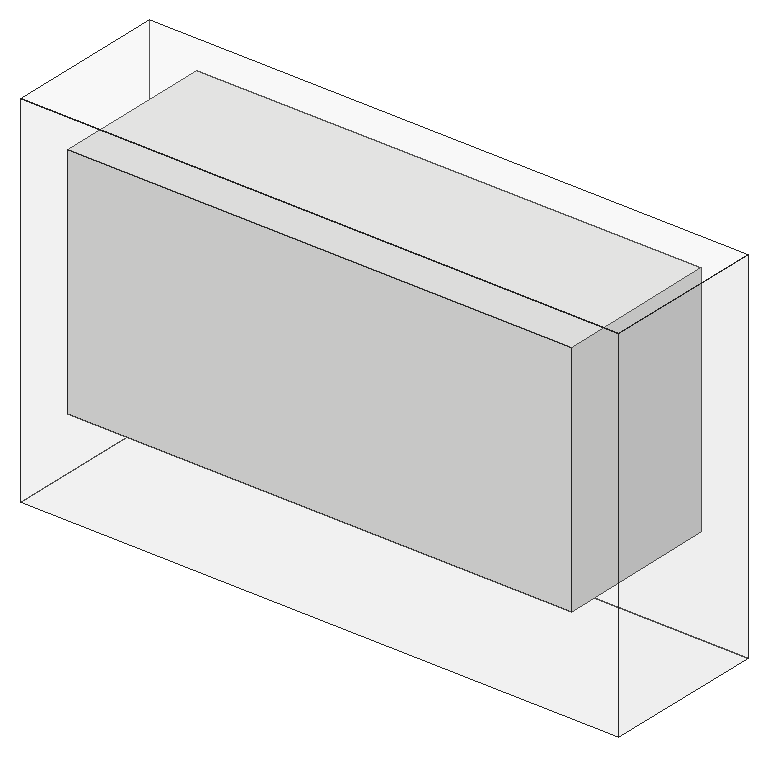
Revit family "vl-08_12(e)s(r)(h)3_60Hz", category 機械設備, Revit 2019
Family settings
  丸型コネクタ寸法 = 直径を使用
  パーツ タイプ = 標準
  OmniClass 番号 = 23.75.35.17.27
  OmniClass タイトル = Centrifugal Fans
  作業面ベース = いいえ
  常に垂直 = はい
  ロード時にボイドで切り取り = いいえ
  共有 = いいえ
  部屋計算ポイント = いいえ
Parameters (values of type "VL-08ES3")
  騒音レベル(dB(A)) [instance] = 32
  風量 [instance] = 42.0 m³/h
  電源種別 [instance] = ""
  電圧 = 100 V
  電動機出力 = 0 W
  電動機_種別 [instance] = ""
  運転質量 = 0.00 kg
  連動 [instance] = ""
  質量 = if(製品質量 > 運転質量, 製品質量, 運転質量) * 1.2  # 6.00 kg
  負荷分類 = 3_ファン類
  説明 = "換気空清機ロスナイ 準寒冷･温暖地仕様 壁掛1パイプ取付タイプ"
  設計風量 [instance] = 0.0 m³/h
  設置方法 = "壁付"
  記号 [instance] = ""
  製造元 = "三菱電機株式会社"
  製品質量 = 5.00 kg
  製品出荷対象 = "国内"
  製品リリース年月 = "2019年5月16日"
  製品グループ = ""
  系統 [instance] = ""
  符号 [instance] = ""
  積算_科目 = "2 換気設備"
  積算_拾い区分 [instance] = ""
  相 = 1
  盤記号 [instance] = ""
  発停方法 [instance] = ""
  特殊仕様 [instance] = ""
  温度交換効率 = 69.00%
  メンテナンススペース = yes
  火災停止 [instance] = ""
  消費電力 = 19 W
  法定耐用年数 = "15"
  機外静圧 [instance] = 0.0 Pa
  極数 = 2
  材質 [instance] = ""
  操作・制御方式 = ""
  操作・制御スイッチ = ""
  排気量 [instance] = 0.0 m³/h
  形式 = ""
  幹線記号 [instance] = ""
  対象室 [instance] = ""
  実風量 [instance] = 0.0 m³/h
  始動方式 [instance] = "直入"
  外気量 [instance] = 0.0 m³/h
  呼称 = ""
  周波数 = 60 Hz
  参照している仕様書等のバージョン = ""
  分類コード = "50052504100030"
  分類グループ = ""
  価格 = 43900
  企業コード = "108420"
  付属品_防振装置 = ""
  付属品 [instance] = ""
  仕様書バージョン = "Version1.0"
  モデル = "VL-08ES3"
  マテリアル = 合成樹脂(白)
  ファンの種類 = ""
  ダクト径 = 100 mm
  コメント [instance] = ""
  Keynote = ""
  Width = 522 mm
  W2 = if(Width / 2 < Depth, Width / 2, Depth)  # 168 mm
  W1 = 57 mm
  Version = ""
  Uniclass2015Version = "Systems v1.9"
  Uniclass2015Title = "Twin centrifugal fans"
  Uniclass2015Code = "Pr_65_67_29_89"
  URL = "https://www.mitsubishielectric.co.jp/ldg/wink/ssl/displayProduct.do?pid=300957"
  SpecificationReference = ""
  SpecificationDescription = ""
  SAサイズ_D = 114 mm
  Revision = ""
  ProductInformation = ""
  OmniClassCode = "23-33 31 19 13 13"
  MIN風量 = 24.5 m³/h
  MIN静圧 = 0.0 Pa
  MID風量 = 0.0 m³/h
  MID静圧 = 0.0 Pa
  MAX風量 = 42.0 m³/h
  MAX静圧 = 0.0 Pa
  IfcTypeProduct = ""
  IfcProduct = ""
  IfcExportType = "CENTRIFUGALBACKWARDINCLINEDCURVED"
  IfcExportAs = "IfcFanType"
  Height = 245 mm
  H1 = 40.5 mm
  EAサイズ_D = 114 mm
  Depth = 168 mm
  D1 = 28 mm
  Clearance Top = 30 mm
  Clearance Right = 49 mm
  Clearance Left = 49 mm
  Clearance Front = 0 mm
  Clearance Bottom = 100 mm
  Clearance Back = 0 mm
  Author = "三菱電機株式会社"
Types (8, lengths in mm): name | 騒音レベル(dB(A)) | 風量 | 温度交換効率 | 消費電力 | 価格 | モデル | URL | MIN風量 | MAX風量
  VL-12ESH3 | 28 | 35.0 m³/h | 72.00% | 15.5 W | 54600 | "VL-12ESH3" | "https://www.mitsubishielectric.co.jp/ldg/wink/ssl/displayProduct.do?pid=300987" | 0.0 m³/h | 35.0 m³/h
  VL-12SRH3 | 28 | 35.0 m³/h | 72.00% | 16 W | 66600 | "VL-12SRH3" | "https://www.mitsubishielectric.co.jp/ldg/wink/ssl/displayProduct.do?pid=300997" | 0.0 m³/h | 35.0 m³/h
  VL-10S3 | 37 | 47.0 m³/h | 61.00% | 22.5 W | 39400 | "VL-10S3" | "https://www.mitsubishielectric.co.jp/ldg/wink/ssl/displayProduct.do?pid=300974" | 26.5 m³/h | 47.0 m³/h
  VL-10ES3 | 37.5 | 51.0 m³/h | 66.00% | 23 W | 43900 | "VL-10ES3" | "https://www.mitsubishielectric.co.jp/ldg/wink/ssl/displayProduct.do?pid=300971" | 31.0 m³/h | 51.0 m³/h
  VL-10SR3 | 37.5 | 51.0 m³/h | 66.00% | 24 W | 55900 | "VL-10SR3" | "https://www.mitsubishielectric.co.jp/ldg/wink/ssl/displayProduct.do?pid=300977" | 31.0 m³/h | 51.0 m³/h
  VL-08S3 | 31.5 | 37.0 m³/h | 66.00% | 19 W | 39400 | "VL-08S3" | "https://www.mitsubishielectric.co.jp/ldg/wink/ssl/displayProduct.do?pid=300965" | 20.5 m³/h | 37.0 m³/h
  VL-08ES3 | 32 | 42.0 m³/h | 69.00% | 19 W | 43900 | "VL-08ES3" | "https://www.mitsubishielectric.co.jp/ldg/wink/ssl/displayProduct.do?pid=300957" | 24.5 m³/h | 42.0 m³/h
  VL-08SR3 | 32 | 42.0 m³/h | 69.00% | 20 W | 55900 | "VL-08SR3" | "https://www.mitsubishielectric.co.jp/ldg/wink/ssl/displayProduct.do?pid=300966" | 24.5 m³/h | 42.0 m³/h
Reference planes
  plane 1 "中心(正面/背面)": y = 0
  plane 2: z = 0
  plane 3 "中心(左/右)": x = 0
  plane 4: x = 310
  plane 5: y = 0
  plane 6: y = -168
  plane 7: x = -261
  plane 8: x = 261
  plane 9: y = -168
  plane 10: z = 152.5
  plane 11: z = -122.5
  plane 12: x = -310
  plane 13: z = -222.5
  plane 14: y = -84
  plane 15: z = 122.5
  plane 16: y = 28
  plane 17: z = -40.5
  plane 18: x = -130.5
  plane 19: x = 130.5
  plane 20: through (4267.2, -27.218, -39.548) normal (0, 0.0349, 0.9994)
Forms (mm)
  Extrusion 1, solid, material "合成樹脂(白)" <- "マテリアル", detail levels fine
    sketch origin (0, 0, 0) x (1, 0, 0) y (0, 1, 0)
      loop
        line (-261, 0) -> (-261, -168) -> (261, -168) -> (261, 0) -> (-261, 0)
    from -122.5 to 122.5
  Revolve 2, solid, material "合成樹脂(白)" <- "マテリアル", detail levels fine
    sketch origin (0, 0, 0) x (0, 1, 0) y (0, 0, 1)
      loop
        line (-4.86, -40.33) -> (-6.849, -97.296) -> (28, -98.513) -> (29.989, -41.547) -> (-4.86, -40.33)
      axis (-4.86, -40.33) -> (29.989, -41.547)
    angle from 0 to 360
Cuts and joins
  joined: Extrusion 1, Revolve 2
Lines and regions (mm)
  Masking region 1, detail levels coarse+medium
    outline origin (2279.921, -68.194, 0) x (1, 0, 0) y (0, 1, 0)
      loop
        line (-2540.921, 68.194) -> (-2540.921, -99.806) -> (-2018.921, -99.806) -> (-2018.921, 68.194) -> (-2540.921, 68.194)
  symbolic lines, detail levels coarse+medium
    curve 1: circle (130.5, -84, 0) r 84 normal (0, 0, 1)
    curve 2: circle (-130.5, -84, 0) r 84 normal (0, 0, 1)
Dimensions and locks
  equal spacing: plane 7, plane 3 "中心(左/右)", plane 8
  "Width": plane 7 to plane 8
  "Clearance Left": plane 12 to plane 7
  "Depth": plane 1 "中心(正面/背面)" to plane 9
  "Clearance Front": plane 9 to plane 6
  "Clearance Back": plane 5 to plane 1 "中心(正面/背面)"
  "Clearance Right": plane 8 to plane 4
  "Clearance Bottom": plane 11 to plane 13
  equal spacing: plane 1 "中心(正面/背面)", plane 14, plane 9
  "Height": plane 15 to plane 11
  "Clearance Top": plane 10 to plane 15
  equal spacing: plane 15, level, plane 11
  "D1": plane 16 to plane 1 "中心(正面/背面)"
  "H1": level to plane 17
  "W1": Revolve 2 sketch curve to Revolve 2 sketch curve
  equal spacing: plane 7, plane 18, plane 3 "中心(左/右)"
  equal spacing: plane 3 "中心(左/右)", plane 19, plane 8
  "W2": diameter of curve 2
  "W2": diameter of curve 1
  aligned and locked: level to plane 2
  aligned and locked: plane 8 to Extrusion 1
  aligned and locked: Extrusion 1 to plane 9
  aligned and locked: Extrusion 1 to plane 7
  aligned and locked: Extrusion 1 to plane 11
  aligned and locked: Extrusion 1 to plane 1 "中心(正面/背面)"
  aligned and locked: plane 15 to Extrusion 1
  aligned and locked: nested 1 to plane 6
  aligned and locked: nested 1 to plane 5
  aligned and locked: plane 12 to nested 1
  aligned and locked: plane 4 to nested 1
  aligned and locked: plane 13 to nested 1
  aligned and locked: plane 10 to nested 1
  aligned and locked: plane 17 to Revolve 2 sketch curve
  aligned and locked: Masking region 1 to plane 7
  aligned and locked: plane 8 to Masking region 1
  aligned and locked: Masking region 1 to plane 1 "中心(正面/背面)"
  aligned and locked: Masking region 1 to plane 9
Automatic sketch dimensions
  Extrusion 1 sketch curve to plane 3 "中心(左/右)" = 261 mm
  plane 3 "中心(左/右)" to Extrusion 1 sketch curve = 261 mm
  plane 1 "中心(正面/背面)" to Extrusion 1 sketch curve = 168 mm
  Extrusion 1 sketch curve to plane 1 "中心(正面/背面)" = 0 mm
  Masking region 1 sketch curve to plane 4 = 571 mm
  Masking region 1 sketch curve to Masking region 1 sketch curve = 522 mm
  plane 6 to Masking region 1 sketch curve = 0 mm
  plane 14 to Masking region 1 sketch curve = 84 mm
  curve 2 to plane 14 = 0 mm
  curve 2 to plane 18 = 0 mm
  curve 1 to plane 14 = 0 mm
  curve 1 to plane 19 = 0 mm
  Revolve 2 sketch curve to plane 1 "中心(正面/背面)" = 0 mm
  Revolve 2 sketch curve to plane 16 = 0 mm
  plane 16 to Revolve 2 sketch curve = 1.989 mm
  Revolve 2 sketch curve to plane 17 = 1.047 mm  (x2)
  plane 17 to Revolve 2 sketch curve = 0.17 mm
Nested families
  nested 1: "メンテナンススペース" at (0, -84, -35), visible <- "メンテナンススペース", type "メンテナンススペース"
    with Width 620 mm, Height 375 mm, Depth 168 mm
Connectors
  electrical at (0, 0, 0), driven by "極数", driven by "電圧", driven by "消費電力"
    settings: on Extrusion 1, index 1, voltage 100 V, apparent load 19 VA, apparent load phase1 0 VA, apparent load phase2 0 VA, apparent load phase3 0 VA, power factor 1, load classification "その他", number of poles 2, system type 30, power factor state 1, is connector primary yes, connector utility no, sub classification motor no, connector description ""
  hvac at (0, 29.989, -41.547), driven by "ダクト径"
    settings: on cut or joined group of Extrusion 1, Revolve 2, index 2, duct flow 0.0 m³/h, flow factor 0, pres drop 0.0 Pa, loss coef 0, conn angle 0.00°, conn width 304.8 mm, conn height 304.8 mm, conn diameter 100 mm, duct sys type 1, conn prof type 0, flow config 0, flow direction 0, loss method 0, conn ref index -1, conn util no, is conn primary yes, conn desc ""
Definition of nested family "メンテナンススペース"
  Parameters (values of type "メンテナンススペース")
    Width [instance] = 500 mm
    Height [instance] = 500 mm
    Depth [instance] = 500 mm
  Reference planes
    plane 1 "中心(正面/背面)": y = 0
    plane 2: z = 0
    plane 3 "中心(左/右)": x = 0
    plane 4: y = -250
    plane 5: x = 250
    plane 6: y = 250
    plane 7: x = -250
    plane 8: z = 250
    plane 9: z = -250
  Forms (mm)
    Extrusion 1, solid
      sketch origin (-638.939, 0, 72.39) x (1, 0, 0) y (0, 1, 0)
        loop
          line (388.939, 250) -> (388.939, -250) -> (888.939, -250) -> (888.939, 250) -> (388.939, 250)
      from -322.39 to 177.61
  Lines and regions (mm)
    symbolic lines
      curve 1: line (-250, 0, 250) -> (250, 0, 250)
      curve 2: line (-250, 0, -250) -> (-250, 0, 250)
      curve 3: line (250, 0, -250) -> (-250, 0, -250)
      curve 4: line (250, 0, 250) -> (250, 0, -250)
      curve 5: line (0, -250, 250) -> (0, 250, 250)
      curve 6: line (0, -250, -250) -> (0, -250, 250)
      curve 7: line (0, 250, -250) -> (0, -250, -250)
      curve 8: line (0, 250, 250) -> (0, 250, -250)
      curve 9: line (-250, 250, 0) -> (250, 250, 0)
      curve 10: line (-250, -250, 0) -> (-250, 250, 0)
      curve 11: line (250, -250, 0) -> (-250, -250, 0)
      curve 12: line (250, 250, 0) -> (250, -250, 0)
  Dimensions and locks
    equal spacing: plane 7, plane 3 "中心(左/右)", plane 5
    equal spacing: plane 4, plane 1 "中心(正面/背面)", plane 6
    "Depth": plane 4 to plane 6
    "Width": plane 7 to plane 5
    equal spacing: plane 8, plane 2, plane 9
    "Height": plane 8 to plane 9
    aligned and locked: plane 9 to curve 3
    aligned and locked: plane 7 to curve 2
    aligned and locked: curve 4 to plane 5
    aligned and locked: plane 5 to Extrusion 1
    aligned and locked: Extrusion 1 to plane 7
    aligned and locked: Extrusion 1 to plane 9
    aligned and locked: plane 8 to Extrusion 1
    aligned and locked: plane 9 to curve 7
  Automatic sketch dimensions
    plane 4 to Extrusion 1 sketch curve = 0 mm
    Extrusion 1 sketch curve to plane 7 = 0 mm
    Extrusion 1 sketch curve to plane 5 = 0 mm
    plane 6 to Extrusion 1 sketch curve = 0 mm
    curve 2 to plane 8 = 0 mm
    plane 4 to curve 11 = 0 mm
    curve 11 to plane 7 = 0 mm
    curve 11 to plane 5 = 0 mm
    plane 6 to curve 10 = 0 mm
    curve 7 to plane 4 = 0 mm
    curve 7 to plane 6 = 0 mm
    curve 6 to plane 8 = 0 mm
